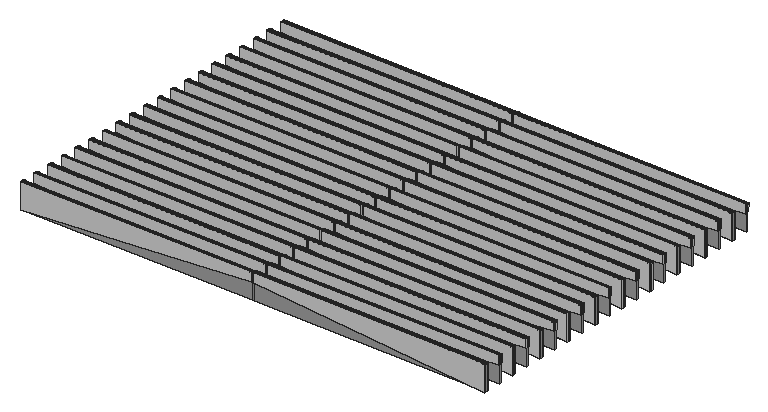
Revit family "BFL-STK-001_STACKED BAFFLES 001_RFA", category Modelos genéricos, Revit 2022 (continued)
Forms (in)
  Extrusion 154, solid
    sketch origin (109, 112.11811, 0) x (1, 0, 0) y (0, 0, 1)
      loop
        line (-0.5, 0) -> (-108.5, 0) -> (-108.5, -4)
        arc (-108.5, -4) -> (-81.42603, -5.00137) -> (-54.5, -8) r 366.5
        arc (-54.5, -8) -> (-27.57397, -10.99863) -> (-0.5, -12) r 366.5
        line (-0.5, -12) -> (-0.5, 0)
    from 78.26772 to 78.74016
  Extrusion 155, solid
    sketch origin (109, 113.06299, 0) x (1, 0, 0) y (0, 0, 1)
      loop
        line (-0.5, 0) -> (-108.5, 0) -> (-108.5, -4)
        arc (-108.5, -4) -> (-81.42603, -5.00137) -> (-54.5, -8) r 366.5
        arc (-54.5, -8) -> (-27.57397, -10.99863) -> (-0.5, -12) r 366.5
        line (-0.5, -12) -> (-0.5, 0)
    from 78.26772 to 78.74016
  Extrusion 156, solid
    sketch origin (0, 120, 0) x (1, 0, 0) y (0, 0, 1)
      loop
        line (-0.5, 0) -> (-108.5, 0) -> (-108.5, -4)
        arc (-108.5, -4) -> (-81.42603, -5.00137) -> (-54.5, -8) r 366.5
        arc (-54.5, -8) -> (-27.57397, -10.99863) -> (-0.5, -12) r 366.5
        line (-0.5, -12) -> (-0.5, 0)
    from 78.62205 to 78.74016
  Extrusion 157, solid
    sketch origin (0, 120.59055, 0) x (1, 0, 0) y (0, 0, 1)
      loop
        line (-0.5, 0) -> (-108.5, 0) -> (-108.5, -12) -> (-0.5, -12) -> (-0.5, 0)
    from 78.26772 to 78.74016
  Extrusion 158, solid
    sketch origin (0, 121.53543, 0) x (1, 0, 0) y (0, 0, 1)
      loop
        line (-0.5, 0) -> (-108.5, 0) -> (-108.5, -4)
        arc (-108.5, -4) -> (-81.42603, -5.00137) -> (-54.5, -8) r 366.5
        arc (-54.5, -8) -> (-27.57397, -10.99863) -> (-0.5, -12) r 366.5
        line (-0.5, -12) -> (-0.5, 0)
    from 78.62205 to 78.74016
  Extrusion 159, solid
    sketch origin (0, 120.11811, 0) x (1, 0, 0) y (0, 0, 1)
      loop
        line (-0.5, 0) -> (-108.5, 0) -> (-108.5, -4)
        arc (-108.5, -4) -> (-81.42603, -5.00137) -> (-54.5, -8) r 366.5
        arc (-54.5, -8) -> (-27.57397, -10.99863) -> (-0.5, -12) r 366.5
        line (-0.5, -12) -> (-0.5, 0)
    from 78.26772 to 78.74016
  Extrusion 160, solid
    sketch origin (0, 121.06299, 0) x (1, 0, 0) y (0, 0, 1)
      loop
        line (-0.5, 0) -> (-108.5, 0) -> (-108.5, -4)
        arc (-108.5, -4) -> (-81.42603, -5.00137) -> (-54.5, -8) r 366.5
        arc (-54.5, -8) -> (-27.57397, -10.99863) -> (-0.5, -12) r 366.5
        line (-0.5, -12) -> (-0.5, 0)
    from 78.26772 to 78.74016
  Extrusion 161, solid
    sketch origin (109, 120, 0) x (1, 0, 0) y (0, 0, 1)
      loop
        line (-108.5, 0) -> (-108.5, -12)
        arc (-108.5, -12) -> (-81.42603, -10.99863) -> (-54.5, -8) r 366.5
        arc (-54.5, -8) -> (-27.57397, -5.00137) -> (-0.5, -4) r 366.5
        line (-0.5, -4) -> (-0.5, 0) -> (-108.5, 0)
    from 78.62205 to 78.74016
  Extrusion 162, solid
    sketch origin (109, 120.59055, 0) x (1, 0, 0) y (0, 0, 1)
      loop
        line (-108.5, 0) -> (-108.5, -12) -> (-0.5, -12) -> (-0.5, 0) -> (-108.5, 0)
    from 78.26772 to 78.74016
  Extrusion 163, solid
    sketch origin (109, 121.53543, 0) x (1, 0, 0) y (0, 0, 1)
      loop
        line (-108.5, 0) -> (-108.5, -12)
        arc (-108.5, -12) -> (-81.42603, -10.99863) -> (-54.5, -8) r 366.5
        arc (-54.5, -8) -> (-27.57397, -5.00137) -> (-0.5, -4) r 366.5
        line (-0.5, -4) -> (-0.5, 0) -> (-108.5, 0)
    from 78.62205 to 78.74016
  Extrusion 164, solid
    sketch origin (109, 120.11811, 0) x (1, 0, 0) y (0, 0, 1)
      loop
        line (-108.5, 0) -> (-108.5, -12)
        arc (-108.5, -12) -> (-81.42603, -10.99863) -> (-54.5, -8) r 366.5
        arc (-54.5, -8) -> (-27.57397, -5.00137) -> (-0.5, -4) r 366.5
        line (-0.5, -4) -> (-0.5, 0) -> (-108.5, 0)
    from 78.26772 to 78.74016
  Extrusion 165, solid
    sketch origin (109, 121.06299, 0) x (1, 0, 0) y (0, 0, 1)
      loop
        line (-108.5, 0) -> (-108.5, -12)
        arc (-108.5, -12) -> (-81.42603, -10.99863) -> (-54.5, -8) r 366.5
        arc (-54.5, -8) -> (-27.57397, -5.00137) -> (-0.5, -4) r 366.5
        line (-0.5, -4) -> (-0.5, 0) -> (-108.5, 0)
    from 78.26772 to 78.74016
  Extrusion 166, solid
    sketch origin (0, 128, 0) x (1, 0, 0) y (0, 0, 1)
      loop
        line (-108.5, 0) -> (-108.5, -12)
        arc (-108.5, -12) -> (-81.42603, -10.99863) -> (-54.5, -8) r 366.5
        arc (-54.5, -8) -> (-27.57397, -5.00137) -> (-0.5, -4) r 366.5
        line (-0.5, -4) -> (-0.5, 0) -> (-108.5, 0)
    from 78.62205 to 78.74016
  Extrusion 167, solid
    sketch origin (0, 128.59055, 0) x (1, 0, 0) y (0, 0, 1)
      loop
        line (-108.5, 0) -> (-108.5, -12) -> (-0.5, -12) -> (-0.5, 0) -> (-108.5, 0)
    from 78.26772 to 78.74016
  Extrusion 168, solid
    sketch origin (0, 129.53543, 0) x (1, 0, 0) y (0, 0, 1)
      loop
        line (-108.5, 0) -> (-108.5, -12)
        arc (-108.5, -12) -> (-81.42603, -10.99863) -> (-54.5, -8) r 366.5
        arc (-54.5, -8) -> (-27.57397, -5.00137) -> (-0.5, -4) r 366.5
        line (-0.5, -4) -> (-0.5, 0) -> (-108.5, 0)
    from 78.62205 to 78.74016
  Extrusion 169, solid
    sketch origin (0, 128.11811, 0) x (1, 0, 0) y (0, 0, 1)
      loop
        line (-108.5, 0) -> (-108.5, -12)
        arc (-108.5, -12) -> (-81.42603, -10.99863) -> (-54.5, -8) r 366.5
        arc (-54.5, -8) -> (-27.57397, -5.00137) -> (-0.5, -4) r 366.5
        line (-0.5, -4) -> (-0.5, 0) -> (-108.5, 0)
    from 78.26772 to 78.74016
  Extrusion 170, solid
    sketch origin (0, 129.06299, 0) x (1, 0, 0) y (0, 0, 1)
      loop
        line (-108.5, 0) -> (-108.5, -12)
        arc (-108.5, -12) -> (-81.42603, -10.99863) -> (-54.5, -8) r 366.5
        arc (-54.5, -8) -> (-27.57397, -5.00137) -> (-0.5, -4) r 366.5
        line (-0.5, -4) -> (-0.5, 0) -> (-108.5, 0)
    from 78.26772 to 78.74016
  Extrusion 171, solid
    sketch origin (109, 128, 0) x (1, 0, 0) y (0, 0, 1)
      loop
        line (-0.5, 0) -> (-108.5, 0) -> (-108.5, -4)
        arc (-108.5, -4) -> (-81.42603, -5.00137) -> (-54.5, -8) r 366.5
        arc (-54.5, -8) -> (-27.57397, -10.99863) -> (-0.5, -12) r 366.5
        line (-0.5, -12) -> (-0.5, 0)
    from 78.62205 to 78.74016
  Extrusion 172, solid
    sketch origin (109, 128.59055, 0) x (1, 0, 0) y (0, 0, 1)
      loop
        line (-0.5, 0) -> (-108.5, 0) -> (-108.5, -12) -> (-0.5, -12) -> (-0.5, 0)
    from 78.26772 to 78.74016
  Extrusion 173, solid
    sketch origin (109, 129.53543, 0) x (1, 0, 0) y (0, 0, 1)
      loop
        line (-0.5, 0) -> (-108.5, 0) -> (-108.5, -4)
        arc (-108.5, -4) -> (-81.42603, -5.00137) -> (-54.5, -8) r 366.5
        arc (-54.5, -8) -> (-27.57397, -10.99863) -> (-0.5, -12) r 366.5
        line (-0.5, -12) -> (-0.5, 0)
    from 78.62205 to 78.74016
  Extrusion 174, solid
    sketch origin (109, 128.11811, 0) x (1, 0, 0) y (0, 0, 1)
      loop
        line (-0.5, 0) -> (-108.5, 0) -> (-108.5, -4)
        arc (-108.5, -4) -> (-81.42603, -5.00137) -> (-54.5, -8) r 366.5
        arc (-54.5, -8) -> (-27.57397, -10.99863) -> (-0.5, -12) r 366.5
        line (-0.5, -12) -> (-0.5, 0)
    from 78.26772 to 78.74016
  Extrusion 175, solid
    sketch origin (109, 129.06299, 0) x (1, 0, 0) y (0, 0, 1)
      loop
        line (-0.5, 0) -> (-108.5, 0) -> (-108.5, -4)
        arc (-108.5, -4) -> (-81.42603, -5.00137) -> (-54.5, -8) r 366.5
        arc (-54.5, -8) -> (-27.57397, -10.99863) -> (-0.5, -12) r 366.5
        line (-0.5, -12) -> (-0.5, 0)
    from 78.26772 to 78.74016
  Extrusion 176, solid
    sketch origin (0, 136, 0) x (1, 0, 0) y (0, 0, 1)
      loop
        line (-0.5, 0) -> (-108.5, 0) -> (-108.5, -4)
        arc (-108.5, -4) -> (-81.42603, -5.00137) -> (-54.5, -8) r 366.5
        arc (-54.5, -8) -> (-27.57397, -10.99863) -> (-0.5, -12) r 366.5
        line (-0.5, -12) -> (-0.5, 0)
    from 78.62205 to 78.74016
  Extrusion 177, solid
    sketch origin (0, 136.59055, 0) x (1, 0, 0) y (0, 0, 1)
      loop
        line (-0.5, 0) -> (-108.5, 0) -> (-108.5, -12) -> (-0.5, -12) -> (-0.5, 0)
    from 78.26772 to 78.74016
  Extrusion 178, solid
    sketch origin (0, 137.53543, 0) x (1, 0, 0) y (0, 0, 1)
      loop
        line (-0.5, 0) -> (-108.5, 0) -> (-108.5, -4)
        arc (-108.5, -4) -> (-81.42603, -5.00137) -> (-54.5, -8) r 366.5
        arc (-54.5, -8) -> (-27.57397, -10.99863) -> (-0.5, -12) r 366.5
        line (-0.5, -12) -> (-0.5, 0)
    from 78.62205 to 78.74016
  Extrusion 179, solid
    sketch origin (0, 136.11811, 0) x (1, 0, 0) y (0, 0, 1)
      loop
        line (-0.5, 0) -> (-108.5, 0) -> (-108.5, -4)
        arc (-108.5, -4) -> (-81.42603, -5.00137) -> (-54.5, -8) r 366.5
        arc (-54.5, -8) -> (-27.57397, -10.99863) -> (-0.5, -12) r 366.5
        line (-0.5, -12) -> (-0.5, 0)
    from 78.26772 to 78.74016
  Extrusion 180, solid
    sketch origin (0, 137.06299, 0) x (1, 0, 0) y (0, 0, 1)
      loop
        line (-0.5, 0) -> (-108.5, 0) -> (-108.5, -4)
        arc (-108.5, -4) -> (-81.42603, -5.00137) -> (-54.5, -8) r 366.5
        arc (-54.5, -8) -> (-27.57397, -10.99863) -> (-0.5, -12) r 366.5
        line (-0.5, -12) -> (-0.5, 0)
    from 78.26772 to 78.74016
  Extrusion 181, solid
    sketch origin (109, 136, 0) x (1, 0, 0) y (0, 0, 1)
      loop
        line (-108.5, 0) -> (-108.5, -12)
        arc (-108.5, -12) -> (-81.42603, -10.99863) -> (-54.5, -8) r 366.5
        arc (-54.5, -8) -> (-27.57397, -5.00137) -> (-0.5, -4) r 366.5
        line (-0.5, -4) -> (-0.5, 0) -> (-108.5, 0)
    from 78.62205 to 78.74016
  Extrusion 182, solid
    sketch origin (109, 136.59055, 0) x (1, 0, 0) y (0, 0, 1)
      loop
        line (-108.5, 0) -> (-108.5, -12) -> (-0.5, -12) -> (-0.5, 0) -> (-108.5, 0)
    from 78.26772 to 78.74016
  Extrusion 183, solid
    sketch origin (109, 137.53543, 0) x (1, 0, 0) y (0, 0, 1)
      loop
        line (-108.5, 0) -> (-108.5, -12)
        arc (-108.5, -12) -> (-81.42603, -10.99863) -> (-54.5, -8) r 366.5
        arc (-54.5, -8) -> (-27.57397, -5.00137) -> (-0.5, -4) r 366.5
        line (-0.5, -4) -> (-0.5, 0) -> (-108.5, 0)
    from 78.62205 to 78.74016
  Extrusion 184, solid
    sketch origin (109, 136.11811, 0) x (1, 0, 0) y (0, 0, 1)
      loop
        line (-108.5, 0) -> (-108.5, -12)
        arc (-108.5, -12) -> (-81.42603, -10.99863) -> (-54.5, -8) r 366.5
        arc (-54.5, -8) -> (-27.57397, -5.00137) -> (-0.5, -4) r 366.5
        line (-0.5, -4) -> (-0.5, 0) -> (-108.5, 0)
    from 78.26772 to 78.74016
  Extrusion 185, solid
    sketch origin (109, 137.06299, 0) x (1, 0, 0) y (0, 0, 1)
      loop
        line (-108.5, 0) -> (-108.5, -12)
        arc (-108.5, -12) -> (-81.42603, -10.99863) -> (-54.5, -8) r 366.5
        arc (-54.5, -8) -> (-27.57397, -5.00137) -> (-0.5, -4) r 366.5
        line (-0.5, -4) -> (-0.5, 0) -> (-108.5, 0)
    from 78.26772 to 78.74016
  Extrusion 186, solid
    sketch origin (0, 144, 0) x (1, 0, 0) y (0, 0, 1)
      loop
        line (-108.5, 0) -> (-108.5, -12)
        arc (-108.5, -12) -> (-81.42603, -10.99863) -> (-54.5, -8) r 366.5
        arc (-54.5, -8) -> (-27.57397, -5.00137) -> (-0.5, -4) r 366.5
        line (-0.5, -4) -> (-0.5, 0) -> (-108.5, 0)
    from 78.62205 to 78.74016
  Extrusion 187, solid
    sketch origin (0, 144.59055, 0) x (1, 0, 0) y (0, 0, 1)
      loop
        line (-108.5, 0) -> (-108.5, -12) -> (-0.5, -12) -> (-0.5, 0) -> (-108.5, 0)
    from 78.26772 to 78.74016
  Extrusion 188, solid
    sketch origin (0, 145.53543, 0) x (1, 0, 0) y (0, 0, 1)
      loop
        line (-108.5, 0) -> (-108.5, -12)
        arc (-108.5, -12) -> (-81.42603, -10.99863) -> (-54.5, -8) r 366.5
        arc (-54.5, -8) -> (-27.57397, -5.00137) -> (-0.5, -4) r 366.5
        line (-0.5, -4) -> (-0.5, 0) -> (-108.5, 0)
    from 78.62205 to 78.74016
  Extrusion 189, solid
    sketch origin (0, 144.11811, 0) x (1, 0, 0) y (0, 0, 1)
      loop
        line (-108.5, 0) -> (-108.5, -12)
        arc (-108.5, -12) -> (-81.42603, -10.99863) -> (-54.5, -8) r 366.5
        arc (-54.5, -8) -> (-27.57397, -5.00137) -> (-0.5, -4) r 366.5
        line (-0.5, -4) -> (-0.5, 0) -> (-108.5, 0)
    from 78.26772 to 78.74016
  Extrusion 190, solid
    sketch origin (0, 145.06299, 0) x (1, 0, 0) y (0, 0, 1)
      loop
        line (-108.5, 0) -> (-108.5, -12)
        arc (-108.5, -12) -> (-81.42603, -10.99863) -> (-54.5, -8) r 366.5
        arc (-54.5, -8) -> (-27.57397, -5.00137) -> (-0.5, -4) r 366.5
        line (-0.5, -4) -> (-0.5, 0) -> (-108.5, 0)
    from 78.26772 to 78.74016
  Extrusion 191, solid
    sketch origin (109, 144, 0) x (1, 0, 0) y (0, 0, 1)
      loop
        line (-0.5, 0) -> (-108.5, 0) -> (-108.5, -4)
        arc (-108.5, -4) -> (-81.42603, -5.00137) -> (-54.5, -8) r 366.5
        arc (-54.5, -8) -> (-27.57397, -10.99863) -> (-0.5, -12) r 366.5
        line (-0.5, -12) -> (-0.5, 0)
    from 78.62205 to 78.74016
  Extrusion 192, solid
    sketch origin (109, 144.59055, 0) x (1, 0, 0) y (0, 0, 1)
      loop
        line (-0.5, 0) -> (-108.5, 0) -> (-108.5, -12) -> (-0.5, -12) -> (-0.5, 0)
    from 78.26772 to 78.74016
  Extrusion 193, solid
    sketch origin (109, 145.53543, 0) x (1, 0, 0) y (0, 0, 1)
      loop
        line (-0.5, 0) -> (-108.5, 0) -> (-108.5, -4)
        arc (-108.5, -4) -> (-81.42603, -5.00137) -> (-54.5, -8) r 366.5
        arc (-54.5, -8) -> (-27.57397, -10.99863) -> (-0.5, -12) r 366.5
        line (-0.5, -12) -> (-0.5, 0)
    from 78.62205 to 78.74016
  Extrusion 194, solid
    sketch origin (109, 144.11811, 0) x (1, 0, 0) y (0, 0, 1)
      loop
        line (-0.5, 0) -> (-108.5, 0) -> (-108.5, -4)
        arc (-108.5, -4) -> (-81.42603, -5.00137) -> (-54.5, -8) r 366.5
        arc (-54.5, -8) -> (-27.57397, -10.99863) -> (-0.5, -12) r 366.5
        line (-0.5, -12) -> (-0.5, 0)
    from 78.26772 to 78.74016
  Extrusion 195, solid
    sketch origin (109, 145.06299, 0) x (1, 0, 0) y (0, 0, 1)
      loop
        line (-0.5, 0) -> (-108.5, 0) -> (-108.5, -4)
        arc (-108.5, -4) -> (-81.42603, -5.00137) -> (-54.5, -8) r 366.5
        arc (-54.5, -8) -> (-27.57397, -10.99863) -> (-0.5, -12) r 366.5
        line (-0.5, -12) -> (-0.5, 0)
    from 78.26772 to 78.74016
  Extrusion 196, solid
    sketch origin (0, 152, 0) x (1, 0, 0) y (0, 0, 1)
      loop
        line (-0.5, 0) -> (-108.5, 0) -> (-108.5, -4)
        arc (-108.5, -4) -> (-81.42603, -5.00137) -> (-54.5, -8) r 366.5
        arc (-54.5, -8) -> (-27.57397, -10.99863) -> (-0.5, -12) r 366.5
        line (-0.5, -12) -> (-0.5, 0)
    from 78.62205 to 78.74016
  Extrusion 197, solid
    sketch origin (0, 152.59055, 0) x (1, 0, 0) y (0, 0, 1)
      loop
        line (-0.5, 0) -> (-108.5, 0) -> (-108.5, -12) -> (-0.5, -12) -> (-0.5, 0)
    from 78.26772 to 78.74016
  Extrusion 198, solid
    sketch origin (0, 153.53543, 0) x (1, 0, 0) y (0, 0, 1)
      loop
        line (-0.5, 0) -> (-108.5, 0) -> (-108.5, -4)
        arc (-108.5, -4) -> (-81.42603, -5.00137) -> (-54.5, -8) r 366.5
        arc (-54.5, -8) -> (-27.57397, -10.99863) -> (-0.5, -12) r 366.5
        line (-0.5, -12) -> (-0.5, 0)
    from 78.62205 to 78.74016
  Extrusion 199, solid
    sketch origin (0, 152.11811, 0) x (1, 0, 0) y (0, 0, 1)
      loop
        line (-0.5, 0) -> (-108.5, 0) -> (-108.5, -4)
        arc (-108.5, -4) -> (-81.42603, -5.00137) -> (-54.5, -8) r 366.5
        arc (-54.5, -8) -> (-27.57397, -10.99863) -> (-0.5, -12) r 366.5
        line (-0.5, -12) -> (-0.5, 0)
    from 78.26772 to 78.74016
  Extrusion 200, solid
    sketch origin (0, 153.06299, 0) x (1, 0, 0) y (0, 0, 1)
      loop
        line (-0.5, 0) -> (-108.5, 0) -> (-108.5, -4)
        arc (-108.5, -4) -> (-81.42603, -5.00137) -> (-54.5, -8) r 366.5
        arc (-54.5, -8) -> (-27.57397, -10.99863) -> (-0.5, -12) r 366.5
        line (-0.5, -12) -> (-0.5, 0)
    from 78.26772 to 78.74016
  Extrusion 201, solid
    sketch origin (109, 152, 0) x (1, 0, 0) y (0, 0, 1)
      loop
        line (-108.5, 0) -> (-108.5, -12)
        arc (-108.5, -12) -> (-81.42603, -10.99863) -> (-54.5, -8) r 366.5
        arc (-54.5, -8) -> (-27.57397, -5.00137) -> (-0.5, -4) r 366.5
        line (-0.5, -4) -> (-0.5, 0) -> (-108.5, 0)
    from 78.62205 to 78.74016
  Extrusion 202, solid
    sketch origin (109, 152.59055, 0) x (1, 0, 0) y (0, 0, 1)
      loop
        line (-108.5, 0) -> (-108.5, -12) -> (-0.5, -12) -> (-0.5, 0) -> (-108.5, 0)
    from 78.26772 to 78.74016
  Extrusion 203, solid
    sketch origin (109, 153.53543, 0) x (1, 0, 0) y (0, 0, 1)
      loop
        line (-108.5, 0) -> (-108.5, -12)
        arc (-108.5, -12) -> (-81.42603, -10.99863) -> (-54.5, -8) r 366.5
        arc (-54.5, -8) -> (-27.57397, -5.00137) -> (-0.5, -4) r 366.5
        line (-0.5, -4) -> (-0.5, 0) -> (-108.5, 0)
    from 78.62205 to 78.74016
  Extrusion 204, solid
    sketch origin (109, 152.11811, 0) x (1, 0, 0) y (0, 0, 1)
      loop
        line (-108.5, 0) -> (-108.5, -12)
        arc (-108.5, -12) -> (-81.42603, -10.99863) -> (-54.5, -8) r 366.5
        arc (-54.5, -8) -> (-27.57397, -5.00137) -> (-0.5, -4) r 366.5
        line (-0.5, -4) -> (-0.5, 0) -> (-108.5, 0)
    from 78.26772 to 78.74016
  Extrusion 205, solid
    sketch origin (109, 153.06299, 0) x (1, 0, 0) y (0, 0, 1)
      loop
        line (-108.5, 0) -> (-108.5, -12)
        arc (-108.5, -12) -> (-81.42603, -10.99863) -> (-54.5, -8) r 366.5
        arc (-54.5, -8) -> (-27.57397, -5.00137) -> (-0.5, -4) r 366.5
        line (-0.5, -4) -> (-0.5, 0) -> (-108.5, 0)
    from 78.26772 to 78.74016
  Extrusion 206, solid, not visible
    sketch origin (0, 0, 0) x (1, 0, 0) y (0, 0, 1)
      loop
        line (-108.5, 0) -> (-108.5, -12)
        arc (-108.5, -12) -> (-81.42603, -10.99863) -> (-54.5, -8) r 366.5
        arc (-54.5, -8) -> (-27.57397, -5.00137) -> (-0.5, -4) r 366.5
        line (-0.5, -4) -> (-0.5, 0) -> (-108.5, 0)
    from 78.62205 to 78.74016
  Extrusion 207, solid, not visible
    sketch origin (0, 0.59055, 0) x (1, 0, 0) y (0, 0, 1)
      loop
        line (-108.5, 0) -> (-108.5, -12) -> (-0.5, -12) -> (-0.5, 0) -> (-108.5, 0)
    from 78.26772 to 78.74016
  Extrusion 208, solid, not visible
    sketch origin (0, 1.53543, 0) x (1, 0, 0) y (0, 0, 1)
      loop
        line (-108.5, 0) -> (-108.5, -12)
        arc (-108.5, -12) -> (-81.42603, -10.99863) -> (-54.5, -8) r 366.5
        arc (-54.5, -8) -> (-27.57397, -5.00137) -> (-0.5, -4) r 366.5
        line (-0.5, -4) -> (-0.5, 0) -> (-108.5, 0)
    from 78.62205 to 78.74016
  Extrusion 209, solid, not visible
    sketch origin (0, 0.11811, 0) x (1, 0, 0) y (0, 0, 1)
      loop
        line (-108.5, 0) -> (-108.5, -12)
        arc (-108.5, -12) -> (-81.42603, -10.99863) -> (-54.5, -8) r 366.5
        arc (-54.5, -8) -> (-27.57397, -5.00137) -> (-0.5, -4) r 366.5
        line (-0.5, -4) -> (-0.5, 0) -> (-108.5, 0)
    from 78.26772 to 78.74016
  Extrusion 210, solid, not visible
    sketch origin (0, 1.06299, 0) x (1, 0, 0) y (0, 0, 1)
      loop
        line (-108.5, 0) -> (-108.5, -12)
        arc (-108.5, -12) -> (-81.42603, -10.99863) -> (-54.5, -8) r 366.5
        arc (-54.5, -8) -> (-27.57397, -5.00137) -> (-0.5, -4) r 366.5
        line (-0.5, -4) -> (-0.5, 0) -> (-108.5, 0)
    from 78.26772 to 78.74016
  Extrusion 211, solid, not visible
    sketch origin (109, 0, 0) x (1, 0, 0) y (0, 0, 1)
      loop
        line (-0.5, 0) -> (-108.5, 0) -> (-108.5, -4)
        arc (-108.5, -4) -> (-81.42603, -5.00137) -> (-54.5, -8) r 366.5
        arc (-54.5, -8) -> (-27.57397, -10.99863) -> (-0.5, -12) r 366.5
        line (-0.5, -12) -> (-0.5, 0)
    from 78.62205 to 78.74016
  Extrusion 212, solid, not visible
    sketch origin (109, 0.59055, 0) x (1, 0, 0) y (0, 0, 1)
      loop
        line (-0.5, 0) -> (-108.5, 0) -> (-108.5, -12) -> (-0.5, -12) -> (-0.5, 0)
    from 78.26772 to 78.74016
  Extrusion 213, solid, not visible
    sketch origin (109, 1.53543, 0) x (1, 0, 0) y (0, 0, 1)
      loop
        line (-0.5, 0) -> (-108.5, 0) -> (-108.5, -4)
        arc (-108.5, -4) -> (-81.42603, -5.00137) -> (-54.5, -8) r 366.5
        arc (-54.5, -8) -> (-27.57397, -10.99863) -> (-0.5, -12) r 366.5
        line (-0.5, -12) -> (-0.5, 0)
    from 78.62205 to 78.74016
  Extrusion 214, solid, not visible
    sketch origin (109, 0.11811, 0) x (1, 0, 0) y (0, 0, 1)
      loop
        line (-0.5, 0) -> (-108.5, 0) -> (-108.5, -4)
        arc (-108.5, -4) -> (-81.42603, -5.00137) -> (-54.5, -8) r 366.5
        arc (-54.5, -8) -> (-27.57397, -10.99863) -> (-0.5, -12) r 366.5
        line (-0.5, -12) -> (-0.5, 0)
    from 78.26772 to 78.74016
  Extrusion 215, solid, not visible
    sketch origin (109, 1.06299, 0) x (1, 0, 0) y (0, 0, 1)
      loop
        line (-0.5, 0) -> (-108.5, 0) -> (-108.5, -4)
        arc (-108.5, -4) -> (-81.42603, -5.00137) -> (-54.5, -8) r 366.5
        arc (-54.5, -8) -> (-27.57397, -10.99863) -> (-0.5, -12) r 366.5
        line (-0.5, -12) -> (-0.5, 0)
    from 78.26772 to 78.74016
  Extrusion 216, solid, not visible
    sketch origin (0, 8, 0) x (1, 0, 0) y (0, 0, 1)
      loop
        line (-0.5, 0) -> (-108.5, 0) -> (-108.5, -4)
        arc (-108.5, -4) -> (-81.42603, -5.00137) -> (-54.5, -8) r 366.5
        arc (-54.5, -8) -> (-27.57397, -10.99863) -> (-0.5, -12) r 366.5
        line (-0.5, -12) -> (-0.5, 0)
    from 78.62205 to 78.74016
  Extrusion 217, solid, not visible
    sketch origin (0, 8.59055, 0) x (1, 0, 0) y (0, 0, 1)
      loop
        line (-0.5, 0) -> (-108.5, 0) -> (-108.5, -12) -> (-0.5, -12) -> (-0.5, 0)
    from 78.26772 to 78.74016
  Extrusion 218, solid, not visible
    sketch origin (0, 9.53543, 0) x (1, 0, 0) y (0, 0, 1)
      loop
        line (-0.5, 0) -> (-108.5, 0) -> (-108.5, -4)
        arc (-108.5, -4) -> (-81.42603, -5.00137) -> (-54.5, -8) r 366.5
        arc (-54.5, -8) -> (-27.57397, -10.99863) -> (-0.5, -12) r 366.5
        line (-0.5, -12) -> (-0.5, 0)
    from 78.62205 to 78.74016
  Extrusion 219, solid, not visible
    sketch origin (0, 8.11811, 0) x (1, 0, 0) y (0, 0, 1)
      loop
        line (-0.5, 0) -> (-108.5, 0) -> (-108.5, -4)
        arc (-108.5, -4) -> (-81.42603, -5.00137) -> (-54.5, -8) r 366.5
        arc (-54.5, -8) -> (-27.57397, -10.99863) -> (-0.5, -12) r 366.5
        line (-0.5, -12) -> (-0.5, 0)
    from 78.26772 to 78.74016
  Extrusion 220, solid, not visible
    sketch origin (0, 9.06299, 0) x (1, 0, 0) y (0, 0, 1)
      loop
        line (-0.5, 0) -> (-108.5, 0) -> (-108.5, -4)
        arc (-108.5, -4) -> (-81.42603, -5.00137) -> (-54.5, -8) r 366.5
        arc (-54.5, -8) -> (-27.57397, -10.99863) -> (-0.5, -12) r 366.5
        line (-0.5, -12) -> (-0.5, 0)
    from 78.26772 to 78.74016
  Extrusion 221, solid, not visible
    sketch origin (109, 8, 0) x (1, 0, 0) y (0, 0, 1)
      loop
        line (-108.5, 0) -> (-108.5, -12)
        arc (-108.5, -12) -> (-81.42603, -10.99863) -> (-54.5, -8) r 366.5
        arc (-54.5, -8) -> (-27.57397, -5.00137) -> (-0.5, -4) r 366.5
        line (-0.5, -4) -> (-0.5, 0) -> (-108.5, 0)
    from 78.62205 to 78.74016
  Extrusion 222, solid, not visible
    sketch origin (109, 8.59055, 0) x (1, 0, 0) y (0, 0, 1)
      loop
        line (-108.5, 0) -> (-108.5, -12) -> (-0.5, -12) -> (-0.5, 0) -> (-108.5, 0)
    from 78.26772 to 78.74016
  Extrusion 223, solid, not visible
    sketch origin (109, 9.53543, 0) x (1, 0, 0) y (0, 0, 1)
      loop
        line (-108.5, 0) -> (-108.5, -12)
        arc (-108.5, -12) -> (-81.42603, -10.99863) -> (-54.5, -8) r 366.5
        arc (-54.5, -8) -> (-27.57397, -5.00137) -> (-0.5, -4) r 366.5
        line (-0.5, -4) -> (-0.5, 0) -> (-108.5, 0)
    from 78.62205 to 78.74016
  Extrusion 224, solid, not visible
    sketch origin (109, 8.11811, 0) x (1, 0, 0) y (0, 0, 1)
      loop
        line (-108.5, 0) -> (-108.5, -12)
        arc (-108.5, -12) -> (-81.42603, -10.99863) -> (-54.5, -8) r 366.5
        arc (-54.5, -8) -> (-27.57397, -5.00137) -> (-0.5, -4) r 366.5
        line (-0.5, -4) -> (-0.5, 0) -> (-108.5, 0)
    from 78.26772 to 78.74016
  Extrusion 225, solid, not visible
    sketch origin (109, 9.06299, 0) x (1, 0, 0) y (0, 0, 1)
      loop
        line (-108.5, 0) -> (-108.5, -12)
        arc (-108.5, -12) -> (-81.42603, -10.99863) -> (-54.5, -8) r 366.5
        arc (-54.5, -8) -> (-27.57397, -5.00137) -> (-0.5, -4) r 366.5
        line (-0.5, -4) -> (-0.5, 0) -> (-108.5, 0)
    from 78.26772 to 78.74016
  Extrusion 226, solid, not visible
    sketch origin (0, 16, 0) x (1, 0, 0) y (0, 0, 1)
      loop
        line (-108.5, 0) -> (-108.5, -12)
        arc (-108.5, -12) -> (-81.42603, -10.99863) -> (-54.5, -8) r 366.5
        arc (-54.5, -8) -> (-27.57397, -5.00137) -> (-0.5, -4) r 366.5
        line (-0.5, -4) -> (-0.5, 0) -> (-108.5, 0)
    from 78.62205 to 78.74016
  Extrusion 227, solid, not visible
    sketch origin (0, 16.59055, 0) x (1, 0, 0) y (0, 0, 1)
      loop
        line (-108.5, 0) -> (-108.5, -12) -> (-0.5, -12) -> (-0.5, 0) -> (-108.5, 0)
    from 78.26772 to 78.74016
  Extrusion 228, solid, not visible
    sketch origin (0, 17.53543, 0) x (1, 0, 0) y (0, 0, 1)
      loop
        line (-108.5, 0) -> (-108.5, -12)
        arc (-108.5, -12) -> (-81.42603, -10.99863) -> (-54.5, -8) r 366.5
        arc (-54.5, -8) -> (-27.57397, -5.00137) -> (-0.5, -4) r 366.5
        line (-0.5, -4) -> (-0.5, 0) -> (-108.5, 0)
    from 78.62205 to 78.74016
  Extrusion 229, solid, not visible
    sketch origin (0, 16.11811, 0) x (1, 0, 0) y (0, 0, 1)
      loop
        line (-108.5, 0) -> (-108.5, -12)
        arc (-108.5, -12) -> (-81.42603, -10.99863) -> (-54.5, -8) r 366.5
        arc (-54.5, -8) -> (-27.57397, -5.00137) -> (-0.5, -4) r 366.5
        line (-0.5, -4) -> (-0.5, 0) -> (-108.5, 0)
    from 78.26772 to 78.74016
  Extrusion 230, solid, not visible
    sketch origin (0, 17.06299, 0) x (1, 0, 0) y (0, 0, 1)
      loop
        line (-108.5, 0) -> (-108.5, -12)
        arc (-108.5, -12) -> (-81.42603, -10.99863) -> (-54.5, -8) r 366.5
        arc (-54.5, -8) -> (-27.57397, -5.00137) -> (-0.5, -4) r 366.5
        line (-0.5, -4) -> (-0.5, 0) -> (-108.5, 0)
    from 78.26772 to 78.74016
  Extrusion 231, solid, not visible
    sketch origin (109, 16, 0) x (1, 0, 0) y (0, 0, 1)
      loop
        line (-0.5, 0) -> (-108.5, 0) -> (-108.5, -4)
        arc (-108.5, -4) -> (-81.42603, -5.00137) -> (-54.5, -8) r 366.5
        arc (-54.5, -8) -> (-27.57397, -10.99863) -> (-0.5, -12) r 366.5
        line (-0.5, -12) -> (-0.5, 0)
    from 78.62205 to 78.74016
  Extrusion 232, solid, not visible
    sketch origin (109, 16.59055, 0) x (1, 0, 0) y (0, 0, 1)
      loop
        line (-0.5, 0) -> (-108.5, 0) -> (-108.5, -12) -> (-0.5, -12) -> (-0.5, 0)
    from 78.26772 to 78.74016
  Extrusion 233, solid, not visible
    sketch origin (109, 17.53543, 0) x (1, 0, 0) y (0, 0, 1)
      loop
        line (-0.5, 0) -> (-108.5, 0) -> (-108.5, -4)
        arc (-108.5, -4) -> (-81.42603, -5.00137) -> (-54.5, -8) r 366.5
        arc (-54.5, -8) -> (-27.57397, -10.99863) -> (-0.5, -12) r 366.5
        line (-0.5, -12) -> (-0.5, 0)
    from 78.62205 to 78.74016
  Extrusion 234, solid, not visible
    sketch origin (109, 16.11811, 0) x (1, 0, 0) y (0, 0, 1)
      loop
        line (-0.5, 0) -> (-108.5, 0) -> (-108.5, -4)
        arc (-108.5, -4) -> (-81.42603, -5.00137) -> (-54.5, -8) r 366.5
        arc (-54.5, -8) -> (-27.57397, -10.99863) -> (-0.5, -12) r 366.5
        line (-0.5, -12) -> (-0.5, 0)
    from 78.26772 to 78.74016
  Extrusion 235, solid, not visible
    sketch origin (109, 17.06299, 0) x (1, 0, 0) y (0, 0, 1)
      loop
        line (-0.5, 0) -> (-108.5, 0) -> (-108.5, -4)
        arc (-108.5, -4) -> (-81.42603, -5.00137) -> (-54.5, -8) r 366.5
        arc (-54.5, -8) -> (-27.57397, -10.99863) -> (-0.5, -12) r 366.5
        line (-0.5, -12) -> (-0.5, 0)
    from 78.26772 to 78.74016
  Extrusion 236, solid, not visible
    sketch origin (0, 24, 0) x (1, 0, 0) y (0, 0, 1)
      loop
        line (-0.5, 0) -> (-108.5, 0) -> (-108.5, -4)
        arc (-108.5, -4) -> (-81.42603, -5.00137) -> (-54.5, -8) r 366.5
        arc (-54.5, -8) -> (-27.57397, -10.99863) -> (-0.5, -12) r 366.5
        line (-0.5, -12) -> (-0.5, 0)
    from 78.62205 to 78.74016
  Extrusion 237, solid, not visible
    sketch origin (0, 24.59055, 0) x (1, 0, 0) y (0, 0, 1)
      loop
        line (-0.5, 0) -> (-108.5, 0) -> (-108.5, -12) -> (-0.5, -12) -> (-0.5, 0)
    from 78.26772 to 78.74016
  Extrusion 238, solid, not visible
    sketch origin (0, 25.53543, 0) x (1, 0, 0) y (0, 0, 1)
      loop
        line (-0.5, 0) -> (-108.5, 0) -> (-108.5, -4)
        arc (-108.5, -4) -> (-81.42603, -5.00137) -> (-54.5, -8) r 366.5
        arc (-54.5, -8) -> (-27.57397, -10.99863) -> (-0.5, -12) r 366.5
        line (-0.5, -12) -> (-0.5, 0)
    from 78.62205 to 78.74016
  Extrusion 239, solid, not visible
    sketch origin (0, 24.11811, 0) x (1, 0, 0) y (0, 0, 1)
      loop
        line (-0.5, 0) -> (-108.5, 0) -> (-108.5, -4)
        arc (-108.5, -4) -> (-81.42603, -5.00137) -> (-54.5, -8) r 366.5
        arc (-54.5, -8) -> (-27.57397, -10.99863) -> (-0.5, -12) r 366.5
        line (-0.5, -12) -> (-0.5, 0)
    from 78.26772 to 78.74016
  Extrusion 240, solid, not visible
    sketch origin (0, 25.06299, 0) x (1, 0, 0) y (0, 0, 1)
      loop
        line (-0.5, 0) -> (-108.5, 0) -> (-108.5, -4)
        arc (-108.5, -4) -> (-81.42603, -5.00137) -> (-54.5, -8) r 366.5
        arc (-54.5, -8) -> (-27.57397, -10.99863) -> (-0.5, -12) r 366.5
        line (-0.5, -12) -> (-0.5, 0)
    from 78.26772 to 78.74016
  Extrusion 241, solid, not visible
    sketch origin (109, 24, 0) x (1, 0, 0) y (0, 0, 1)
      loop
        line (-108.5, 0) -> (-108.5, -12)
        arc (-108.5, -12) -> (-81.42603, -10.99863) -> (-54.5, -8) r 366.5
        arc (-54.5, -8) -> (-27.57397, -5.00137) -> (-0.5, -4) r 366.5
        line (-0.5, -4) -> (-0.5, 0) -> (-108.5, 0)
    from 78.62205 to 78.74016
  Extrusion 242, solid, not visible
    sketch origin (109, 24.59055, 0) x (1, 0, 0) y (0, 0, 1)
      loop
        line (-108.5, 0) -> (-108.5, -12) -> (-0.5, -12) -> (-0.5, 0) -> (-108.5, 0)
    from 78.26772 to 78.74016
  Extrusion 243, solid, not visible
    sketch origin (109, 25.53543, 0) x (1, 0, 0) y (0, 0, 1)
      loop
        line (-108.5, 0) -> (-108.5, -12)
        arc (-108.5, -12) -> (-81.42603, -10.99863) -> (-54.5, -8) r 366.5
        arc (-54.5, -8) -> (-27.57397, -5.00137) -> (-0.5, -4) r 366.5
        line (-0.5, -4) -> (-0.5, 0) -> (-108.5, 0)
    from 78.62205 to 78.74016
  Extrusion 244, solid, not visible
    sketch origin (109, 24.11811, 0) x (1, 0, 0) y (0, 0, 1)
      loop
        line (-108.5, 0) -> (-108.5, -12)
        arc (-108.5, -12) -> (-81.42603, -10.99863) -> (-54.5, -8) r 366.5
        arc (-54.5, -8) -> (-27.57397, -5.00137) -> (-0.5, -4) r 366.5
        line (-0.5, -4) -> (-0.5, 0) -> (-108.5, 0)
    from 78.26772 to 78.74016
  Extrusion 245, solid, not visible
    sketch origin (109, 25.06299, 0) x (1, 0, 0) y (0, 0, 1)
      loop
        line (-108.5, 0) -> (-108.5, -12)
        arc (-108.5, -12) -> (-81.42603, -10.99863) -> (-54.5, -8) r 366.5
        arc (-54.5, -8) -> (-27.57397, -5.00137) -> (-0.5, -4) r 366.5
        line (-0.5, -4) -> (-0.5, 0) -> (-108.5, 0)
    from 78.26772 to 78.74016
  Extrusion 246, solid, not visible
    sketch origin (0, 32, 0) x (1, 0, 0) y (0, 0, 1)
      loop
        line (-108.5, 0) -> (-108.5, -12)
        arc (-108.5, -12) -> (-81.42603, -10.99863) -> (-54.5, -8) r 366.5
        arc (-54.5, -8) -> (-27.57397, -5.00137) -> (-0.5, -4) r 366.5
        line (-0.5, -4) -> (-0.5, 0) -> (-108.5, 0)
    from 78.62205 to 78.74016
  Extrusion 247, solid, not visible
    sketch origin (0, 32.59055, 0) x (1, 0, 0) y (0, 0, 1)
      loop
        line (-108.5, 0) -> (-108.5, -12) -> (-0.5, -12) -> (-0.5, 0) -> (-108.5, 0)
    from 78.26772 to 78.74016
  Extrusion 248, solid, not visible
    sketch origin (0, 33.53543, 0) x (1, 0, 0) y (0, 0, 1)
      loop
        line (-108.5, 0) -> (-108.5, -12)
        arc (-108.5, -12) -> (-81.42603, -10.99863) -> (-54.5, -8) r 366.5
        arc (-54.5, -8) -> (-27.57397, -5.00137) -> (-0.5, -4) r 366.5
        line (-0.5, -4) -> (-0.5, 0) -> (-108.5, 0)
    from 78.62205 to 78.74016
  Extrusion 249, solid, not visible
    sketch origin (0, 32.11811, 0) x (1, 0, 0) y (0, 0, 1)
      loop
        line (-108.5, 0) -> (-108.5, -12)
        arc (-108.5, -12) -> (-81.42603, -10.99863) -> (-54.5, -8) r 366.5
        arc (-54.5, -8) -> (-27.57397, -5.00137) -> (-0.5, -4) r 366.5
        line (-0.5, -4) -> (-0.5, 0) -> (-108.5, 0)
    from 78.26772 to 78.74016
  Extrusion 250, solid, not visible
    sketch origin (0, 33.06299, 0) x (1, 0, 0) y (0, 0, 1)
      loop
        line (-108.5, 0) -> (-108.5, -12)
        arc (-108.5, -12) -> (-81.42603, -10.99863) -> (-54.5, -8) r 366.5
        arc (-54.5, -8) -> (-27.57397, -5.00137) -> (-0.5, -4) r 366.5
        line (-0.5, -4) -> (-0.5, 0) -> (-108.5, 0)
    from 78.26772 to 78.74016
  Extrusion 251, solid, not visible
    sketch origin (109, 32, 0) x (1, 0, 0) y (0, 0, 1)
      loop
        line (-0.5, 0) -> (-108.5, 0) -> (-108.5, -4)
        arc (-108.5, -4) -> (-81.42603, -5.00137) -> (-54.5, -8) r 366.5
        arc (-54.5, -8) -> (-27.57397, -10.99863) -> (-0.5, -12) r 366.5
        line (-0.5, -12) -> (-0.5, 0)
    from 78.62205 to 78.74016
  Extrusion 252, solid, not visible
    sketch origin (109, 32.59055, 0) x (1, 0, 0) y (0, 0, 1)
      loop
        line (-0.5, 0) -> (-108.5, 0) -> (-108.5, -12) -> (-0.5, -12) -> (-0.5, 0)
    from 78.26772 to 78.74016
  Extrusion 253, solid, not visible
    sketch origin (109, 33.53543, 0) x (1, 0, 0) y (0, 0, 1)
      loop
        line (-0.5, 0) -> (-108.5, 0) -> (-108.5, -4)
        arc (-108.5, -4) -> (-81.42603, -5.00137) -> (-54.5, -8) r 366.5
        arc (-54.5, -8) -> (-27.57397, -10.99863) -> (-0.5, -12) r 366.5
        line (-0.5, -12) -> (-0.5, 0)
    from 78.62205 to 78.74016
  Extrusion 254, solid, not visible
    sketch origin (109, 32.11811, 0) x (1, 0, 0) y (0, 0, 1)
      loop
        line (-0.5, 0) -> (-108.5, 0) -> (-108.5, -4)
        arc (-108.5, -4) -> (-81.42603, -5.00137) -> (-54.5, -8) r 366.5
        arc (-54.5, -8) -> (-27.57397, -10.99863) -> (-0.5, -12) r 366.5
        line (-0.5, -12) -> (-0.5, 0)
    from 78.26772 to 78.74016
  Extrusion 255, solid, not visible
    sketch origin (109, 33.06299, 0) x (1, 0, 0) y (0, 0, 1)
      loop
        line (-0.5, 0) -> (-108.5, 0) -> (-108.5, -4)
        arc (-108.5, -4) -> (-81.42603, -5.00137) -> (-54.5, -8) r 366.5
        arc (-54.5, -8) -> (-27.57397, -10.99863) -> (-0.5, -12) r 366.5
        line (-0.5, -12) -> (-0.5, 0)
    from 78.26772 to 78.74016
  Extrusion 256, solid, not visible
    sketch origin (0, 40, 0) x (1, 0, 0) y (0, 0, 1)
      loop
        line (-0.5, 0) -> (-108.5, 0) -> (-108.5, -4)
        arc (-108.5, -4) -> (-81.42603, -5.00137) -> (-54.5, -8) r 366.5
        arc (-54.5, -8) -> (-27.57397, -10.99863) -> (-0.5, -12) r 366.5
        line (-0.5, -12) -> (-0.5, 0)
    from 78.62205 to 78.74016
  Extrusion 257, solid, not visible
    sketch origin (0, 40.59055, 0) x (1, 0, 0) y (0, 0, 1)
      loop
        line (-0.5, 0) -> (-108.5, 0) -> (-108.5, -12) -> (-0.5, -12) -> (-0.5, 0)
    from 78.26772 to 78.74016
  Extrusion 258, solid, not visible
    sketch origin (0, 41.53543, 0) x (1, 0, 0) y (0, 0, 1)
      loop
        line (-0.5, 0) -> (-108.5, 0) -> (-108.5, -4)
        arc (-108.5, -4) -> (-81.42603, -5.00137) -> (-54.5, -8) r 366.5
        arc (-54.5, -8) -> (-27.57397, -10.99863) -> (-0.5, -12) r 366.5
        line (-0.5, -12) -> (-0.5, 0)
    from 78.62205 to 78.74016
  Extrusion 259, solid, not visible
    sketch origin (0, 40.11811, 0) x (1, 0, 0) y (0, 0, 1)
      loop
        line (-0.5, 0) -> (-108.5, 0) -> (-108.5, -4)
        arc (-108.5, -4) -> (-81.42603, -5.00137) -> (-54.5, -8) r 366.5
        arc (-54.5, -8) -> (-27.57397, -10.99863) -> (-0.5, -12) r 366.5
        line (-0.5, -12) -> (-0.5, 0)
    from 78.26772 to 78.74016
  Extrusion 260, solid, not visible
    sketch origin (0, 41.06299, 0) x (1, 0, 0) y (0, 0, 1)
      loop
        line (-0.5, 0) -> (-108.5, 0) -> (-108.5, -4)
        arc (-108.5, -4) -> (-81.42603, -5.00137) -> (-54.5, -8) r 366.5
        arc (-54.5, -8) -> (-27.57397, -10.99863) -> (-0.5, -12) r 366.5
        line (-0.5, -12) -> (-0.5, 0)
    from 78.26772 to 78.74016
  Extrusion 261, solid, not visible
    sketch origin (109, 40, 0) x (1, 0, 0) y (0, 0, 1)
      loop
        line (-108.5, 0) -> (-108.5, -12)
        arc (-108.5, -12) -> (-81.42603, -10.99863) -> (-54.5, -8) r 366.5
        arc (-54.5, -8) -> (-27.57397, -5.00137) -> (-0.5, -4) r 366.5
        line (-0.5, -4) -> (-0.5, 0) -> (-108.5, 0)
    from 78.62205 to 78.74016
  Extrusion 262, solid, not visible
    sketch origin (109, 40.59055, 0) x (1, 0, 0) y (0, 0, 1)
      loop
        line (-108.5, 0) -> (-108.5, -12) -> (-0.5, -12) -> (-0.5, 0) -> (-108.5, 0)
    from 78.26772 to 78.74016
  Extrusion 263, solid, not visible
    sketch origin (109, 41.53543, 0) x (1, 0, 0) y (0, 0, 1)
      loop
        line (-108.5, 0) -> (-108.5, -12)
        arc (-108.5, -12) -> (-81.42603, -10.99863) -> (-54.5, -8) r 366.5
        arc (-54.5, -8) -> (-27.57397, -5.00137) -> (-0.5, -4) r 366.5
        line (-0.5, -4) -> (-0.5, 0) -> (-108.5, 0)
    from 78.62205 to 78.74016
  Extrusion 264, solid, not visible
    sketch origin (109, 40.11811, 0) x (1, 0, 0) y (0, 0, 1)
      loop
        line (-108.5, 0) -> (-108.5, -12)
        arc (-108.5, -12) -> (-81.42603, -10.99863) -> (-54.5, -8) r 366.5
        arc (-54.5, -8) -> (-27.57397, -5.00137) -> (-0.5, -4) r 366.5
        line (-0.5, -4) -> (-0.5, 0) -> (-108.5, 0)
    from 78.26772 to 78.74016
  Extrusion 265, solid, not visible
    sketch origin (109, 41.06299, 0) x (1, 0, 0) y (0, 0, 1)
      loop
        line (-108.5, 0) -> (-108.5, -12)
        arc (-108.5, -12) -> (-81.42603, -10.99863) -> (-54.5, -8) r 366.5
        arc (-54.5, -8) -> (-27.57397, -5.00137) -> (-0.5, -4) r 366.5
        line (-0.5, -4) -> (-0.5, 0) -> (-108.5, 0)
    from 78.26772 to 78.74016
  Extrusion 266, solid, not visible
    sketch origin (0, 48, 0) x (1, 0, 0) y (0, 0, 1)
      loop
        line (-108.5, 0) -> (-108.5, -12)
        arc (-108.5, -12) -> (-81.42603, -10.99863) -> (-54.5, -8) r 366.5
        arc (-54.5, -8) -> (-27.57397, -5.00137) -> (-0.5, -4) r 366.5
        line (-0.5, -4) -> (-0.5, 0) -> (-108.5, 0)
    from 78.62205 to 78.74016
  Extrusion 267, solid, not visible
    sketch origin (0, 48.59055, 0) x (1, 0, 0) y (0, 0, 1)
      loop
        line (-108.5, 0) -> (-108.5, -12) -> (-0.5, -12) -> (-0.5, 0) -> (-108.5, 0)
    from 78.26772 to 78.74016
  Extrusion 268, solid, not visible
    sketch origin (0, 49.53543, 0) x (1, 0, 0) y (0, 0, 1)
      loop
        line (-108.5, 0) -> (-108.5, -12)
        arc (-108.5, -12) -> (-81.42603, -10.99863) -> (-54.5, -8) r 366.5
        arc (-54.5, -8) -> (-27.57397, -5.00137) -> (-0.5, -4) r 366.5
        line (-0.5, -4) -> (-0.5, 0) -> (-108.5, 0)
    from 78.62205 to 78.74016
  Extrusion 269, solid, not visible
    sketch origin (0, 48.11811, 0) x (1, 0, 0) y (0, 0, 1)
      loop
        line (-108.5, 0) -> (-108.5, -12)
        arc (-108.5, -12) -> (-81.42603, -10.99863) -> (-54.5, -8) r 366.5
        arc (-54.5, -8) -> (-27.57397, -5.00137) -> (-0.5, -4) r 366.5
        line (-0.5, -4) -> (-0.5, 0) -> (-108.5, 0)
    from 78.26772 to 78.74016
  Extrusion 270, solid, not visible
    sketch origin (0, 49.06299, 0) x (1, 0, 0) y (0, 0, 1)
      loop
        line (-108.5, 0) -> (-108.5, -12)
        arc (-108.5, -12) -> (-81.42603, -10.99863) -> (-54.5, -8) r 366.5
        arc (-54.5, -8) -> (-27.57397, -5.00137) -> (-0.5, -4) r 366.5
        line (-0.5, -4) -> (-0.5, 0) -> (-108.5, 0)
    from 78.26772 to 78.74016
  Extrusion 271, solid, not visible
    sketch origin (109, 48, 0) x (1, 0, 0) y (0, 0, 1)
      loop
        line (-0.5, 0) -> (-108.5, 0) -> (-108.5, -4)
        arc (-108.5, -4) -> (-81.42603, -5.00137) -> (-54.5, -8) r 366.5
        arc (-54.5, -8) -> (-27.57397, -10.99863) -> (-0.5, -12) r 366.5
        line (-0.5, -12) -> (-0.5, 0)
    from 78.62205 to 78.74016
  Extrusion 272, solid, not visible
    sketch origin (109, 48.59055, 0) x (1, 0, 0) y (0, 0, 1)
      loop
        line (-0.5, 0) -> (-108.5, 0) -> (-108.5, -12) -> (-0.5, -12) -> (-0.5, 0)
    from 78.26772 to 78.74016
  Extrusion 273, solid, not visible
    sketch origin (109, 49.53543, 0) x (1, 0, 0) y (0, 0, 1)
      loop
        line (-0.5, 0) -> (-108.5, 0) -> (-108.5, -4)
        arc (-108.5, -4) -> (-81.42603, -5.00137) -> (-54.5, -8) r 366.5
        arc (-54.5, -8) -> (-27.57397, -10.99863) -> (-0.5, -12) r 366.5
        line (-0.5, -12) -> (-0.5, 0)
    from 78.62205 to 78.74016
  Extrusion 274, solid, not visible
    sketch origin (109, 48.11811, 0) x (1, 0, 0) y (0, 0, 1)
      loop
        line (-0.5, 0) -> (-108.5, 0) -> (-108.5, -4)
        arc (-108.5, -4) -> (-81.42603, -5.00137) -> (-54.5, -8) r 366.5
        arc (-54.5, -8) -> (-27.57397, -10.99863) -> (-0.5, -12) r 366.5
        line (-0.5, -12) -> (-0.5, 0)
    from 78.26772 to 78.74016
  Extrusion 275, solid, not visible
    sketch origin (109, 49.06299, 0) x (1, 0, 0) y (0, 0, 1)
      loop
        line (-0.5, 0) -> (-108.5, 0) -> (-108.5, -4)
        arc (-108.5, -4) -> (-81.42603, -5.00137) -> (-54.5, -8) r 366.5
        arc (-54.5, -8) -> (-27.57397, -10.99863) -> (-0.5, -12) r 366.5
        line (-0.5, -12) -> (-0.5, 0)
    from 78.26772 to 78.74016
  Extrusion 276, solid, not visible
    sketch origin (0, 56, 0) x (1, 0, 0) y (0, 0, 1)
      loop
        line (-0.5, 0) -> (-108.5, 0) -> (-108.5, -4)
        arc (-108.5, -4) -> (-81.42603, -5.00137) -> (-54.5, -8) r 366.5
        arc (-54.5, -8) -> (-27.57397, -10.99863) -> (-0.5, -12) r 366.5
        line (-0.5, -12) -> (-0.5, 0)
    from 78.62205 to 78.74016
  Extrusion 277, solid, not visible
    sketch origin (0, 56.59055, 0) x (1, 0, 0) y (0, 0, 1)
      loop
        line (-0.5, 0) -> (-108.5, 0) -> (-108.5, -12) -> (-0.5, -12) -> (-0.5, 0)
    from 78.26772 to 78.74016
  Extrusion 278, solid, not visible
    sketch origin (0, 57.53543, 0) x (1, 0, 0) y (0, 0, 1)
      loop
        line (-0.5, 0) -> (-108.5, 0) -> (-108.5, -4)
        arc (-108.5, -4) -> (-81.42603, -5.00137) -> (-54.5, -8) r 366.5
        arc (-54.5, -8) -> (-27.57397, -10.99863) -> (-0.5, -12) r 366.5
        line (-0.5, -12) -> (-0.5, 0)
    from 78.62205 to 78.74016
  Extrusion 279, solid, not visible
    sketch origin (0, 56.11811, 0) x (1, 0, 0) y (0, 0, 1)
      loop
        line (-0.5, 0) -> (-108.5, 0) -> (-108.5, -4)
        arc (-108.5, -4) -> (-81.42603, -5.00137) -> (-54.5, -8) r 366.5
        arc (-54.5, -8) -> (-27.57397, -10.99863) -> (-0.5, -12) r 366.5
        line (-0.5, -12) -> (-0.5, 0)
    from 78.26772 to 78.74016
  Extrusion 280, solid, not visible
    sketch origin (0, 57.06299, 0) x (1, 0, 0) y (0, 0, 1)
      loop
        line (-0.5, 0) -> (-108.5, 0) -> (-108.5, -4)
        arc (-108.5, -4) -> (-81.42603, -5.00137) -> (-54.5, -8) r 366.5
        arc (-54.5, -8) -> (-27.57397, -10.99863) -> (-0.5, -12) r 366.5
        line (-0.5, -12) -> (-0.5, 0)
    from 78.26772 to 78.74016
  Extrusion 281, solid, not visible
    sketch origin (109, 56, 0) x (1, 0, 0) y (0, 0, 1)
      loop
        line (-108.5, 0) -> (-108.5, -12)
        arc (-108.5, -12) -> (-81.42603, -10.99863) -> (-54.5, -8) r 366.5
        arc (-54.5, -8) -> (-27.57397, -5.00137) -> (-0.5, -4) r 366.5
        line (-0.5, -4) -> (-0.5, 0) -> (-108.5, 0)
    from 78.62205 to 78.74016
  Extrusion 282, solid, not visible
    sketch origin (109, 56.59055, 0) x (1, 0, 0) y (0, 0, 1)
      loop
        line (-108.5, 0) -> (-108.5, -12) -> (-0.5, -12) -> (-0.5, 0) -> (-108.5, 0)
    from 78.26772 to 78.74016
  Extrusion 283, solid, not visible
    sketch origin (109, 57.53543, 0) x (1, 0, 0) y (0, 0, 1)
      loop
        line (-108.5, 0) -> (-108.5, -12)
        arc (-108.5, -12) -> (-81.42603, -10.99863) -> (-54.5, -8) r 366.5
        arc (-54.5, -8) -> (-27.57397, -5.00137) -> (-0.5, -4) r 366.5
        line (-0.5, -4) -> (-0.5, 0) -> (-108.5, 0)
    from 78.62205 to 78.74016
  Extrusion 284, solid, not visible
    sketch origin (109, 56.11811, 0) x (1, 0, 0) y (0, 0, 1)
      loop
        line (-108.5, 0) -> (-108.5, -12)
        arc (-108.5, -12) -> (-81.42603, -10.99863) -> (-54.5, -8) r 366.5
        arc (-54.5, -8) -> (-27.57397, -5.00137) -> (-0.5, -4) r 366.5
        line (-0.5, -4) -> (-0.5, 0) -> (-108.5, 0)
    from 78.26772 to 78.74016
  Extrusion 285, solid, not visible
    sketch origin (109, 57.06299, 0) x (1, 0, 0) y (0, 0, 1)
      loop
        line (-108.5, 0) -> (-108.5, -12)
        arc (-108.5, -12) -> (-81.42603, -10.99863) -> (-54.5, -8) r 366.5
        arc (-54.5, -8) -> (-27.57397, -5.00137) -> (-0.5, -4) r 366.5
        line (-0.5, -4) -> (-0.5, 0) -> (-108.5, 0)
    from 78.26772 to 78.74016
  Extrusion 286, solid, not visible
    sketch origin (0, 64, 0) x (1, 0, 0) y (0, 0, 1)
      loop
        line (-108.5, 0) -> (-108.5, -12)
        arc (-108.5, -12) -> (-81.42603, -10.99863) -> (-54.5, -8) r 366.5
        arc (-54.5, -8) -> (-27.57397, -5.00137) -> (-0.5, -4) r 366.5
        line (-0.5, -4) -> (-0.5, 0) -> (-108.5, 0)
    from 78.62205 to 78.74016
  Extrusion 287, solid, not visible
    sketch origin (0, 64.59055, 0) x (1, 0, 0) y (0, 0, 1)
      loop
        line (-108.5, 0) -> (-108.5, -12) -> (-0.5, -12) -> (-0.5, 0) -> (-108.5, 0)
    from 78.26772 to 78.74016
  Extrusion 288, solid, not visible
    sketch origin (0, 65.53543, 0) x (1, 0, 0) y (0, 0, 1)
      loop
        line (-108.5, 0) -> (-108.5, -12)
        arc (-108.5, -12) -> (-81.42603, -10.99863) -> (-54.5, -8) r 366.5
        arc (-54.5, -8) -> (-27.57397, -5.00137) -> (-0.5, -4) r 366.5
        line (-0.5, -4) -> (-0.5, 0) -> (-108.5, 0)
    from 78.62205 to 78.74016
  Extrusion 289, solid, not visible
    sketch origin (0, 64.11811, 0) x (1, 0, 0) y (0, 0, 1)
      loop
        line (-108.5, 0) -> (-108.5, -12)
        arc (-108.5, -12) -> (-81.42603, -10.99863) -> (-54.5, -8) r 366.5
        arc (-54.5, -8) -> (-27.57397, -5.00137) -> (-0.5, -4) r 366.5
        line (-0.5, -4) -> (-0.5, 0) -> (-108.5, 0)
    from 78.26772 to 78.74016
  Extrusion 290, solid, not visible
    sketch origin (0, 65.06299, 0) x (1, 0, 0) y (0, 0, 1)
      loop
        line (-108.5, 0) -> (-108.5, -12)
        arc (-108.5, -12) -> (-81.42603, -10.99863) -> (-54.5, -8) r 366.5
        arc (-54.5, -8) -> (-27.57397, -5.00137) -> (-0.5, -4) r 366.5
        line (-0.5, -4) -> (-0.5, 0) -> (-108.5, 0)
    from 78.26772 to 78.74016
  Extrusion 291, solid, not visible
    sketch origin (109, 64, 0) x (1, 0, 0) y (0, 0, 1)
      loop
        line (-0.5, 0) -> (-108.5, 0) -> (-108.5, -4)
        arc (-108.5, -4) -> (-81.42603, -5.00137) -> (-54.5, -8) r 366.5
        arc (-54.5, -8) -> (-27.57397, -10.99863) -> (-0.5, -12) r 366.5
        line (-0.5, -12) -> (-0.5, 0)
    from 78.62205 to 78.74016
  Extrusion 292, solid, not visible
    sketch origin (109, 64.59055, 0) x (1, 0, 0) y (0, 0, 1)
      loop
        line (-0.5, 0) -> (-108.5, 0) -> (-108.5, -12) -> (-0.5, -12) -> (-0.5, 0)
    from 78.26772 to 78.74016
  Extrusion 293, solid, not visible
    sketch origin (109, 65.53543, 0) x (1, 0, 0) y (0, 0, 1)
      loop
        line (-0.5, 0) -> (-108.5, 0) -> (-108.5, -4)
        arc (-108.5, -4) -> (-81.42603, -5.00137) -> (-54.5, -8) r 366.5
        arc (-54.5, -8) -> (-27.57397, -10.99863) -> (-0.5, -12) r 366.5
        line (-0.5, -12) -> (-0.5, 0)
    from 78.62205 to 78.74016
  Extrusion 294, solid, not visible
    sketch origin (109, 64.11811, 0) x (1, 0, 0) y (0, 0, 1)
      loop
        line (-0.5, 0) -> (-108.5, 0) -> (-108.5, -4)
        arc (-108.5, -4) -> (-81.42603, -5.00137) -> (-54.5, -8) r 366.5
        arc (-54.5, -8) -> (-27.57397, -10.99863) -> (-0.5, -12) r 366.5
        line (-0.5, -12) -> (-0.5, 0)
    from 78.26772 to 78.74016
  Extrusion 295, solid, not visible
    sketch origin (109, 65.06299, 0) x (1, 0, 0) y (0, 0, 1)
      loop
        line (-0.5, 0) -> (-108.5, 0) -> (-108.5, -4)
        arc (-108.5, -4) -> (-81.42603, -5.00137) -> (-54.5, -8) r 366.5
        arc (-54.5, -8) -> (-27.57397, -10.99863) -> (-0.5, -12) r 366.5
        line (-0.5, -12) -> (-0.5, 0)
    from 78.26772 to 78.74016
  Extrusion 296, solid, not visible
    sketch origin (0, 72, 0) x (1, 0, 0) y (0, 0, 1)
      loop
        line (-0.5, 0) -> (-108.5, 0) -> (-108.5, -4)
        arc (-108.5, -4) -> (-81.42603, -5.00137) -> (-54.5, -8) r 366.5
        arc (-54.5, -8) -> (-27.57397, -10.99863) -> (-0.5, -12) r 366.5
        line (-0.5, -12) -> (-0.5, 0)
    from 78.62205 to 78.74016
  Extrusion 297, solid, not visible
    sketch origin (0, 72.59055, 0) x (1, 0, 0) y (0, 0, 1)
      loop
        line (-0.5, 0) -> (-108.5, 0) -> (-108.5, -12) -> (-0.5, -12) -> (-0.5, 0)
    from 78.26772 to 78.74016
  Extrusion 298, solid, not visible
    sketch origin (0, 73.53543, 0) x (1, 0, 0) y (0, 0, 1)
      loop
        line (-0.5, 0) -> (-108.5, 0) -> (-108.5, -4)
        arc (-108.5, -4) -> (-81.42603, -5.00137) -> (-54.5, -8) r 366.5
        arc (-54.5, -8) -> (-27.57397, -10.99863) -> (-0.5, -12) r 366.5
        line (-0.5, -12) -> (-0.5, 0)
    from 78.62205 to 78.74016
  Extrusion 299, solid, not visible
    sketch origin (0, 72.11811, 0) x (1, 0, 0) y (0, 0, 1)
      loop
        line (-0.5, 0) -> (-108.5, 0) -> (-108.5, -4)
        arc (-108.5, -4) -> (-81.42603, -5.00137) -> (-54.5, -8) r 366.5
        arc (-54.5, -8) -> (-27.57397, -10.99863) -> (-0.5, -12) r 366.5
        line (-0.5, -12) -> (-0.5, 0)
    from 78.26772 to 78.74016
  Extrusion 300, solid, not visible
    sketch origin (0, 73.06299, 0) x (1, 0, 0) y (0, 0, 1)
      loop
        line (-0.5, 0) -> (-108.5, 0) -> (-108.5, -4)
        arc (-108.5, -4) -> (-81.42603, -5.00137) -> (-54.5, -8) r 366.5
        arc (-54.5, -8) -> (-27.57397, -10.99863) -> (-0.5, -12) r 366.5
        line (-0.5, -12) -> (-0.5, 0)
    from 78.26772 to 78.74016
  Extrusion 301, solid, not visible
    sketch origin (109, 72, 0) x (1, 0, 0) y (0, 0, 1)
      loop
        line (-108.5, 0) -> (-108.5, -12)
        arc (-108.5, -12) -> (-81.42603, -10.99863) -> (-54.5, -8) r 366.5
        arc (-54.5, -8) -> (-27.57397, -5.00137) -> (-0.5, -4) r 366.5
        line (-0.5, -4) -> (-0.5, 0) -> (-108.5, 0)
    from 78.62205 to 78.74016
  Extrusion 302, solid, not visible
    sketch origin (109, 72.59055, 0) x (1, 0, 0) y (0, 0, 1)
      loop
        line (-108.5, 0) -> (-108.5, -12) -> (-0.5, -12) -> (-0.5, 0) -> (-108.5, 0)
    from 78.26772 to 78.74016
  Extrusion 303, solid, not visible
    sketch origin (109, 73.53543, 0) x (1, 0, 0) y (0, 0, 1)
      loop
        line (-108.5, 0) -> (-108.5, -12)
        arc (-108.5, -12) -> (-81.42603, -10.99863) -> (-54.5, -8) r 366.5
        arc (-54.5, -8) -> (-27.57397, -5.00137) -> (-0.5, -4) r 366.5
        line (-0.5, -4) -> (-0.5, 0) -> (-108.5, 0)
    from 78.62205 to 78.74016
  Extrusion 304, solid, not visible
    sketch origin (109, 72.11811, 0) x (1, 0, 0) y (0, 0, 1)
      loop
        line (-108.5, 0) -> (-108.5, -12)
        arc (-108.5, -12) -> (-81.42603, -10.99863) -> (-54.5, -8) r 366.5
        arc (-54.5, -8) -> (-27.57397, -5.00137) -> (-0.5, -4) r 366.5
        line (-0.5, -4) -> (-0.5, 0) -> (-108.5, 0)
    from 78.26772 to 78.74016
  Extrusion 305, solid, not visible
    sketch origin (109, 73.06299, 0) x (1, 0, 0) y (0, 0, 1)
      loop
        line (-108.5, 0) -> (-108.5, -12)
        arc (-108.5, -12) -> (-81.42603, -10.99863) -> (-54.5, -8) r 366.5
        arc (-54.5, -8) -> (-27.57397, -5.00137) -> (-0.5, -4) r 366.5
        line (-0.5, -4) -> (-0.5, 0) -> (-108.5, 0)
    from 78.26772 to 78.74016
  Extrusion 306, solid, not visible
    sketch origin (0, 80, 0) x (1, 0, 0) y (0, 0, 1)
      loop
        line (-108.5, 0) -> (-108.5, -12)
        arc (-108.5, -12) -> (-81.42603, -10.99863) -> (-54.5, -8) r 366.5
        arc (-54.5, -8) -> (-27.57397, -5.00137) -> (-0.5, -4) r 366.5
        line (-0.5, -4) -> (-0.5, 0) -> (-108.5, 0)
    from 78.62205 to 78.74016
  Extrusion 307, solid, not visible
    sketch origin (0, 80.59055, 0) x (1, 0, 0) y (0, 0, 1)
      loop
        line (-108.5, 0) -> (-108.5, -12) -> (-0.5, -12) -> (-0.5, 0) -> (-108.5, 0)
    from 78.26772 to 78.74016
  Extrusion 308, solid, not visible
    sketch origin (0, 81.53543, 0) x (1, 0, 0) y (0, 0, 1)
      loop
        line (-108.5, 0) -> (-108.5, -12)
